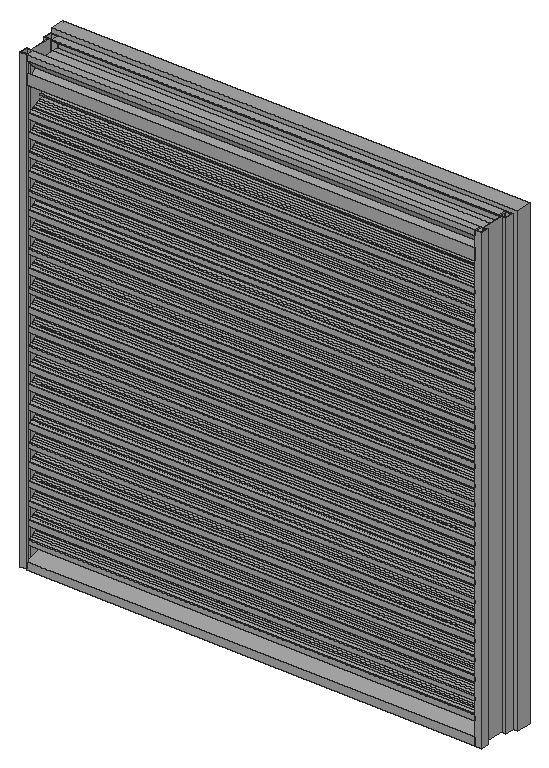
Revit family
Parameters (values of type "Louver_Storm-Performance_SP437 _IndustrialLouver")
  Weight = "7 lb/sq.ft."  # constant formula
  Warranty = "All materials and workmanship are warranted for a period of 1 year from date of completion."  # constant formula
  URL = "http://www.industriallouvers.com"
  Surface Finish = "Aluminum, Anodized, or Kynar finish"  # constant formula
  Support Material = Aluminum
  Subcategory = "Storm Performance "  # constant formula
  Static Pressure Loss = ".15\" of water gage @ an air flow of 718.4 FPM free area velocity"
  Specifications  URL = ""
  Screen Width [instance] = Louver Width - 0' 0 1/2"  # 3' - 11 1/2"
  Screen Material = Screen Material
  Screen Height [instance] = Louver Height - 0' 0 1/2"  # 3' - 11 1/2"
  SMARTBIM URL = "http://www.SMARTBIM.com"
  SMARTBIM Object Version = 3  # constant formula
  SMARTBIM Object Created By = "SMARTBIM, LLC"  # constant formula
  SMARTBIM Contact = "mailto:SMARTBIM@SMARTBIM.com"
  Product Submittal URL = "Contact Factory"
  Product Page URL = "http://www.industriallouvers.com/lv_sp.php"
  Model = "SP437"  # constant formula
  Minimum Height = 1' - 0"  # constant formula
  Maximum Size - Single Section = "One dimension not to exceed 78\" or 300 lbs"
  Material = "Aluminum"  # constant formula
  Manufacturer Toll Free Phone = "1-800-328-3421"  # constant formula
  Manufacturer Phone = "763-972-2981"  # constant formula
  Manufacturer Fax = "763-972-2911"  # constant formula
  Manufacturer Email = "mailto:ilinfo@industriallouvers.com"
  Manufacturer Address = "511 S. 7th Street, Delano, MN 55328"  # constant formula
  Manufacturer = "Industrial Louvers, Inc."  # constant formula
  Maintenance = "http://www.industriallouvers.com/prod-forms/Maintenance%20Instructions.pdf"
  Louver Width [instance] = 4' - 0"
  Louver Height [instance] = 4' - 0"
  Intake Capacity (CFM) @ Class A Rating = "4986 CFM"  # constant formula
  Installation URL = ""
  Height [instance] = if(Louver Height < 1' 0", 1' 0", Louver Height)  # 4' - 0"
  Free Area for 48”x48” Louver = "50.1%"  # constant formula
  Free Area Velocity (fpm) @ Class A Rating = "952 FPM"  # constant formula
  Free Area (ft²) for 48" x 48" Louver = "8.02"  # constant formula
  Frame Material = Aluminum
  Description = "Storm Performance "  # constant formula
  Depth = 0' - 4"  # constant formula
  Default Elevation = 0' - 0"
  Cost Info = "Contact Factory"  # constant formula
  CAD Drawings = ""
  Blade Width [instance] = Louver Width - 0' 1 1/2"  # 3' - 10 1/2"
  Blade Region Height [instance] = (Blade Count) * 0' 1 13/16"  # 3' - 5 11/16"
  Blade Material = Aluminum
  Blade Count [instance] = if(Louver Height < 1' 0", (1' 0" - 0' 5 3/4") / 0' 1 13/16", (Louver Height - 0' 5 3/4") / 0' 1 13/16")  # 23
  Assembly Code = "B2010300"
  AAA = 0' - 5 11/32"
  95 CSI = "10200"  # constant formula
  04 CSI = "08 91 00"  # constant formula
Reference planes (in)
  plane 1 "Center (Front/Back)": y = -0.11
  plane 2: z = 0
  plane 3 "Center (Left/Right)": x = 0
  plane 4: x = -24
  plane 5: x = 24
  plane 6: x = -23.25
  plane 7: x = 23.25
  plane 8 "Back of Blade": y = 2.45187
  plane 9: z = 2.33975
  plane 10: z = 44.02725
  plane 11: z = 48.5
  plane 12 "Back of Screen": y = 2.79687
  plane 13: z = 47
  plane 14: y = 2.85687
  plane 15: z = 48.375
  plane 16: z = 0.125
  plane 17: y = 4.35687
  plane 18: z = 48.25
  plane 19: z = 0.25
  plane 20: y = 2.37087
  plane 21: x = -24.25
  plane 22: x = 24.25
  plane 23: y = -1.54813
Forms (in)
  Extrusion 1, solid, material "Aluminum" <- "Frame Material"
    sketch origin (-10, 22.75594, 29.61826) x (1, 0, 0) y (0, 1, 0)
      loop
        line (34, -24.30407) -> (34, -23.47432) -> (33.57505, -23.47432) -> (33.57505, -21.17782) -> (34, -21.17782) -> (34, -20.30407) -> (33.25, -20.30407) -> (33.25, -20.38507) -> (33.91797, -20.38507) -> (33.91797, -21.09682) -> (33.49405, -21.09682) -> (33.49405, -23.55526) -> (33.919, -23.55526) -> (33.919, -24.22204) -> (33.25, -24.22204) -> (33.25, -24.30407) -> (34, -24.30407)
    from -29.36826 to 18.63174
  Extrusion 2, solid, material "Aluminum" <- "Frame Material"
    sketch origin (10, -22.75594, 29.61826) x (-1, 0, 0) y (0, -1, 0)
      loop
        line (34, -21.20781) -> (33.25, -21.20781) -> (33.25, -21.28984) -> (33.919, -21.28984) -> (33.919, -21.95662) -> (33.49405, -21.95662) -> (33.49405, -24.41507) -> (33.91797, -24.41507) -> (33.91797, -25.12681) -> (33.25, -25.12681) -> (33.25, -25.20781) -> (34, -25.20781) -> (34, -24.33407) -> (33.57505, -24.33407) -> (33.57505, -22.03756) -> (34, -22.03756) -> (34, -21.20781)
    from -29.28726 to 18.63174
  Sweep 3, solid, material "Aluminum" <- "Support Material"
    path origin (0, -0.11, 0) x (1, 0, 0) y (0, 0, 1)
      loop
        line (-24.25, 48.5) -> (-24.25, 0) -> (24.25, 0) -> (24.25, 48.5) -> (-24.25, 48.5)
    profile origin (0, -0.11, 48.5) x (0, 0, 1) y (0, -1, 0)
      loop
        line (0, -2.96687) -> (-1.5, -2.96687) -> (-1.5, -3.09187) -> (-0.125, -3.09187) -> (-0.125, -4.46687) -> (0, -4.46687) -> (0, -2.96687)
  Extrusion 4, solid, material "Aluminum" <- "Frame Material"
    sketch origin (0, 13.3807, 7.39335) x (0, 1, 0) y (0, 0, 1)
      loop
        line (-11.00983, -4.30335) -> (-11.00983, -5.31923) -> (-14.92883, -6.36932) -> (-14.92883, -7.14335) -> (-14.39758, -7.14335) -> (-14.39758, -7.06235) -> (-14.84679, -7.06235) -> (-14.84679, -6.46129) -> (-14.39783, -6.34119) -> (-14.02663, -6.34119) -> (-14.02663, -6.21143) -> (-11.94783, -5.65442) -> (-11.46595, -5.65442) -> (-11.46595, -5.5253) -> (-11.00983, -5.40308) -> (-11.00983, -7.06235) -> (-11.17883, -7.06235) -> (-11.17883, -7.14335) -> (-10.92883, -7.14335) -> (-10.92883, -4.30335) -> (-11.00983, -4.30335)
    from -23.25 to 23.25
  Extrusion 5, solid, material "Aluminum" <- "Frame Material"
    sketch origin (0, 0, 0) x (0, 1, 0) y (0, 0, 1)
      loop
        line (2.37087, 47.13809) -> (1.72128, 47.13809)
        arc (1.72128, 47.13809) -> (0.62834, 46.99354) -> (-0.38944, 46.56984) r 4.20417
        line (-0.38944, 46.56984) -> (-1.4661, 47.70532) -> (-1.4661, 48.1692) -> (-0.79932, 48.1692) -> (-0.79932, 48.25) -> (-1.54813, 48.25) -> (-1.54813, 47.67435) -> (-0.47547, 46.54238) -> (-1.46713, 45.60267) -> (-1.46713, 46.51089) -> (-1.54813, 46.59587) -> (-1.54813, 45.415) -> (-0.501, 46.40696)
        arc (-0.501, 46.40696) -> (0.56357, 46.89122) -> (1.72128, 47.05709) r 4.12317
        line (1.72128, 47.05709) -> (2.35007, 47.05709) -> (2.35007, 45.78336) -> (2.16641, 45.96703) -> (2.10927, 45.90989) -> (2.45187, 45.56729) -> (2.45187, 48.25) -> (1.65912, 48.25) -> (1.65912, 48.1692) -> (2.37087, 48.1692) -> (2.37087, 47.13809)
    from -23.25 to 23.25
Cuts and joins
  joined: Extrusion 1, Extrusion 2
Dimensions and locks (in)
  equal spacing: plane 4, plane 3 "Center (Left/Right)", plane 5
  "Louver Width": plane 4 to plane 5
  locked: plane 4 to plane 6 at 0.75
  locked: plane 7 to plane 5 at 0.75
  "Blade Region Height": plane 10 to plane 9
  locked: plane 9 to level at 2.33975
  "Louver Height": plane 18 to plane 19
  locked: plane 17 to plane 12 "Back of Screen" at 1.56
  locked: plane 11 to plane 13 at 1.5
  locked: plane 11 to plane 15 at 0.125
  locked: plane 16 to level at 0.125
  locked: plane 12 "Back of Screen" to plane 8 "Back of Blade" at 0.345
  locked: plane 11 to plane 18 at 0.25
  locked: plane 19 to level at 0.25
  locked: plane 14 to plane 12 "Back of Screen" at 0.06
  locked: plane 19 to Extrusion 4 sketch curve at 0.081  (x2)
  locked: plane 19 to Extrusion 4 sketch curve at 2.84
  plane 19 to Extrusion 4 sketch curve = 0' - 1.48893"
  plane 19 to Extrusion 4 sketch curve = 0' - 1.82412"
  locked: Extrusion 4 sketch curve to Extrusion 4 sketch curve at 0.081
  locked: plane 8 "Back of Blade" to plane 20 at 0.081
  equal spacing: group 1, group 3, group 4, group 5, group 6, group 7, group 8, group 9, group 10, group 11, group 12, group 13, group 14, group 15, group 16, group 17, group 18, group 19, group 20, group 21, group 22, group 23, group 2  (x3)
  locked: plane 5 to plane 22 at 0.25
  locked: plane 21 to plane 4 at 0.25
  plane 9 to level = 0' - 2.33975"
  locked: plane 8 "Back of Blade" to plane 23 at 4
  aligned: plane 11 to Extrusion 1
  aligned: Extrusion 1 to level
  aligned: Extrusion 2 to level
  aligned: plane 11 to Extrusion 2
  aligned and locked: plane 3 "Center (Left/Right)" to nested 2
  aligned and locked: plane 3 "Center (Left/Right)" to nested 1
  aligned and locked: plane 19 to nested 1
  aligned and locked: plane 19 to Extrusion 4 sketch curve
  aligned and locked: Extrusion 4 sketch curve to plane 19
  aligned and locked: plane 9 to nested 2
  aligned and locked: plane 20 to nested 2
  aligned: plane 10 to nested 3
  aligned and locked: Extrusion 4 to plane 6
  aligned and locked: plane 7 to Extrusion 4
  aligned and locked: plane 22 to Sweep 3 sketch curve
  aligned and locked: plane 21 to Sweep 3 sketch curve
  aligned and locked: Sweep 3 sketch curve to plane 11
  aligned and locked: Sweep 3 sketch curve to level
  aligned and locked: Extrusion 2 to plane 18
  aligned and locked: Extrusion 2 to Extrusion 4
  aligned and locked: plane 19 to cut or joined group of Extrusion 1, Extrusion 2
  aligned and locked: cut or joined group of Extrusion 1, Extrusion 2 to plane 18  (x2)
  aligned and locked: nested 1 to plane 13
  aligned and locked: nested 1 to plane 19
  aligned and locked: plane 10 to nested 3
  aligned and locked: plane 20 to Extrusion 2 sketch curve
  aligned and locked: plane 20 to cut or joined group of Extrusion 1, Extrusion 2
  aligned and locked: cut or joined group of Extrusion 1, Extrusion 2 to Extrusion 4 sketch curve
  aligned and locked: nested 1 to plane 14
  aligned and locked: Extrusion 5 to plane 6
  aligned and locked: plane 7 to Extrusion 5
  aligned and locked: Extrusion 5 sketch curve to plane 8 "Back of Blade"
  aligned and locked: Extrusion 5 sketch curve to plane 20
  aligned and locked: plane 23 to Extrusion 5 sketch curve
  aligned and locked: Extrusion 5 sketch curve to cut or joined group of Extrusion 1, Extrusion 2
  aligned and locked: cut or joined group of Extrusion 1, Extrusion 2 to Extrusion 5 sketch curve
Automatic sketch dimensions
  profile plane to Sweep 3 sketch curve = 0' - 0"
  profile plane to Sweep 3 sketch curve = 0' - 0 1/8"
  Sweep 3 sketch curve to Sweep 3 sketch curve = 0' - 1 3/8"  (x2)
  Sweep 3 sketch curve to plane 1 "Center (Front/Back)" = 0' - 4.46687"
  Sweep 3 sketch curve to Sweep 3 sketch curve = 0' - 0 1/8"
  Extrusion 2 sketch curve to plane 6 = 0' - 0"  (x2)
  Extrusion 2 sketch curve to plane 4 = 0' - 0"  (x2)
  Extrusion 2 sketch curve to plane 8 "Back of Blade" = 0' - 0"
  Extrusion 2 sketch curve to plane 6 = 0' - 0.24405"
  Extrusion 2 sketch curve to Extrusion 2 sketch curve = 0' - 0.081"  (x2)
  plane 4 to Extrusion 2 sketch curve = 0' - 0 21/256"
  plane 4 to Extrusion 2 sketch curve = 0' - 0.081"
  plane 20 to Extrusion 2 sketch curve = 0' - 0.71175"
  plane 1 "Center (Front/Back)" to Extrusion 2 sketch curve = 0' - 0.60838"
  Extrusion 2 sketch curve to Extrusion 2 sketch curve = 0' - 0.08094"
  Extrusion 2 sketch curve to Extrusion 2 sketch curve = 0' - 0.66678"
  Extrusion 2 sketch curve to Extrusion 2 sketch curve = 0' - 0 21/256"
  Extrusion 1 sketch curve to plane 8 "Back of Blade" = 0' - 0"
  Extrusion 1 sketch curve to plane 22 = 0' - 1"  (x2)
  Extrusion 1 sketch curve to Extrusion 1 sketch curve = 0' - 0.24405"
  Extrusion 1 sketch curve to Extrusion 1 sketch curve = 0' - 0.081"  (x3)
  Extrusion 1 sketch curve to plane 20 = 0' - 0"
  Extrusion 1 sketch curve to Extrusion 1 sketch curve = 0' - 0 171/256"
  Extrusion 1 sketch curve to Extrusion 1 sketch curve = 0' - 0.669"
  Extrusion 1 sketch curve to Extrusion 1 sketch curve = 0' - 0 21/256"  (x2)
  Extrusion 1 sketch curve to Extrusion 1 sketch curve = 0' - 0.66678"
  Extrusion 1 sketch curve to Extrusion 1 sketch curve = 0' - 0.08094"
  plane 20 to Extrusion 1 sketch curve = 0' - 0.79275"
  plane 1 "Center (Front/Back)" to Extrusion 1 sketch curve = 0' - 0.60838"
  Extrusion 4 sketch curve to plane 23 = 0' - 0"
  Extrusion 4 sketch curve to plane 20 = 0' - 0"  (x2)
  Extrusion 4 sketch curve to plane 8 "Back of Blade" = 0' - 0"
  Extrusion 4 sketch curve to Extrusion 4 sketch curve = 0' - 0.44896"
  Extrusion 4 sketch curve to Extrusion 4 sketch curve = 0' - 0 115/256"
  Extrusion 4 sketch curve to Extrusion 4 sketch curve = 0' - 0.3712"
  Extrusion 4 sketch curve to Extrusion 4 sketch curve = 0' - 0.938"
  plane 20 to Extrusion 4 sketch curve = 0' - 0.45612"
  plane 20 to Extrusion 4 sketch curve = 0' - 0.169"
  Extrusion 4 sketch curve to Extrusion 4 sketch curve = 0' - 0.09197"
  Extrusion 4 sketch curve to Extrusion 4 sketch curve = 0' - 0.12975"
  Extrusion 4 sketch curve to Extrusion 4 sketch curve = 0' - 0.12912"
  Extrusion 4 sketch curve to Extrusion 4 sketch curve = 0' - 0.08386"
  Extrusion 5 sketch curve to Extrusion 5 sketch curve = 0' - 0"  (x2)
  plane 23 to Extrusion 5 sketch curve = 0' - 0.081"
  plane 18 to Extrusion 5 sketch curve = 0' - 0.0808"  (x2)
  plane 1 "Center (Front/Back)" to Extrusion 5 sketch curve = 0' - 0.391"
  Extrusion 5 sketch curve to Extrusion 5 sketch curve = 0' - 0.02553"
  Extrusion 5 sketch curve to Extrusion 5 sketch curve = 0' - 0.08602"
  plane 13 to Extrusion 5 sketch curve = 0' - 0.13809"
  Extrusion 5 sketch curve to Extrusion 5 sketch curve = 0' - 0.6496"
  Extrusion 5 sketch curve to plane 18 = 0' - 0"  (x2)
  plane 20 to Extrusion 5 sketch curve = 0' - 0.71175"
  plane 20 to Extrusion 5 sketch curve = 0' - 0.2616"
  Extrusion 5 sketch curve to Extrusion 5 sketch curve = 0' - 0.05713"  (x2)
  plane 20 to Extrusion 5 sketch curve = 0' - 0.0208"
  plane 13 to Extrusion 5 sketch curve = 0' - 0.05709"
  Extrusion 5 sketch curve to plane 13 = 0' - 0.40413"
  Extrusion 5 sketch curve to plane 13 = 0' - 0.43016"
  Extrusion 5 sketch curve to Extrusion 5 sketch curve = 0' - 0.02746"
  Extrusion 5 sketch curve to Extrusion 5 sketch curve = 0' - 0.08499"
  Extrusion 5 sketch curve to plane 13 = 0' - 1.03297"
  Extrusion 5 sketch curve to Extrusion 5 sketch curve = 0' - 0.90822"
  Extrusion 5 sketch curve to Extrusion 5 sketch curve = 0' - 0.18767"
  Extrusion 5 sketch curve to Extrusion 5 sketch curve = 0' - 0.03097"
  plane 23 to Extrusion 5 sketch curve = 0' - 0"
Nested families (in)
  nested 1: "Louver Screen" at (18, 2.50563, 0.25), Height <- "Screen Height", Width <- "Screen Width", type "Louver Screen"
    with Width 3' - 11 1/2", Height 3' - 11 1/2", Depth 0' - 0.35124"
  nested 2: "Louver-Blade_SP537_IndustrialLouver" at (0, 2.37087, 2.33975), type "Louver-Blade_SP537_IndustrialLouver"
  nested 3: "Louver-Blade_SP537_IndustrialLouver" at (0, 2.37087, 42.06493), type "Louver-Blade_SP537_IndustrialLouver"
  nested 4: "Louver-Blade_SP537_IndustrialLouver" at (0, 2.37087, 4.14544), type "Louver-Blade_SP537_IndustrialLouver"
  nested 5: "Louver-Blade_SP537_IndustrialLouver" at (0, 2.37087, 5.95113), type "Louver-Blade_SP537_IndustrialLouver"
  nested 6: "Louver-Blade_SP537_IndustrialLouver" at (0, 2.37087, 7.75682), type "Louver-Blade_SP537_IndustrialLouver"
  nested 7: "Louver-Blade_SP537_IndustrialLouver" at (0, 2.37087, 9.56251), type "Louver-Blade_SP537_IndustrialLouver"
  nested 8: "Louver-Blade_SP537_IndustrialLouver" at (0, 2.37087, 11.3682), type "Louver-Blade_SP537_IndustrialLouver"
  nested 9: "Louver-Blade_SP537_IndustrialLouver" at (0, 2.37087, 13.17389), type "Louver-Blade_SP537_IndustrialLouver"
  nested 10: "Louver-Blade_SP537_IndustrialLouver" at (0, 2.37087, 14.97958), type "Louver-Blade_SP537_IndustrialLouver"
  nested 11: "Louver-Blade_SP537_IndustrialLouver" at (0, 2.37087, 16.78527), type "Louver-Blade_SP537_IndustrialLouver"
  nested 12: "Louver-Blade_SP537_IndustrialLouver" at (0, 2.37087, 18.59096), type "Louver-Blade_SP537_IndustrialLouver"
  nested 13: "Louver-Blade_SP537_IndustrialLouver" at (0, 2.37087, 20.39665), type "Louver-Blade_SP537_IndustrialLouver"
  nested 14: "Louver-Blade_SP537_IndustrialLouver" at (0, 2.37087, 22.20234), type "Louver-Blade_SP537_IndustrialLouver"
  nested 15: "Louver-Blade_SP537_IndustrialLouver" at (0, 2.37087, 24.00803), type "Louver-Blade_SP537_IndustrialLouver"
  nested 16: "Louver-Blade_SP537_IndustrialLouver" at (0, 2.37087, 25.81372), type "Louver-Blade_SP537_IndustrialLouver"
  nested 17: "Louver-Blade_SP537_IndustrialLouver" at (0, 2.37087, 27.61941), type "Louver-Blade_SP537_IndustrialLouver"
  nested 18: "Louver-Blade_SP537_IndustrialLouver" at (0, 2.37087, 29.4251), type "Louver-Blade_SP537_IndustrialLouver"
  nested 19: "Louver-Blade_SP537_IndustrialLouver" at (0, 2.37087, 31.23079), type "Louver-Blade_SP537_IndustrialLouver"
  nested 20: "Louver-Blade_SP537_IndustrialLouver" at (0, 2.37087, 33.03648), type "Louver-Blade_SP537_IndustrialLouver"
  nested 21: "Louver-Blade_SP537_IndustrialLouver" at (0, 2.37087, 34.84217), type "Louver-Blade_SP537_IndustrialLouver"
  nested 22: "Louver-Blade_SP537_IndustrialLouver" at (0, 2.37087, 36.64786), type "Louver-Blade_SP537_IndustrialLouver"
  nested 23: "Louver-Blade_SP537_IndustrialLouver" at (0, 2.37087, 38.45355), type "Louver-Blade_SP537_IndustrialLouver"
  nested 24: "Louver-Blade_SP537_IndustrialLouver" at (0, 2.37087, 40.25924), type "Louver-Blade_SP537_IndustrialLouver"
Connectors (in)
  hvac at (0, 2.98187, 24.25), driven by "Louver Width", driven by "Louver Height"
    settings: on Sweep 3, index 1
Definition of nested family "Louver Screen"
  Parameters (values of type "Louver Screen")
    Width [instance] = 5' - 0"
    Screen Frame = Aluminum
    Screen = Screen Material
    Height [instance] = 2' - 0"
    Depth [instance] = 0' - 0 115/256"
  Reference planes (in)
    plane 1 "Front": y = 0
    plane 2: z = 0
    plane 3 "Center (Left/Right)": x = -18
    plane 4: x = -48
    plane 5: x = 12
    plane 6: z = 24
    plane 7: x = -47.25
    plane 8: x = 11.25
    plane 9: z = 23.25
    plane 10: z = 0.75
    plane 11 "Back": y = 0.44922
    plane 12 "Center (Front/Back)": y = 0.22461
    plane 13: y = 0.19336
    plane 14: y = 0.25586
  Forms (in)
    Sweep 1, solid, material "Aluminum" <- "Screen Frame"
      path origin (0, 0, 0) x (1, 0, 0) y (0, 0, 1)
        loop
          line (-48, 24) -> (-48, 0) -> (12, 0) -> (12, 24) -> (-48, 24)
      profile origin (-18, 0, 24) x (0, 0, 1) y (0, -1, 0)
        loop
          line (0, 0) -> (-0.75, 0) -> (-0.75, -0.44922) -> (0, -0.44922) -> (0, 0)
    Extrusion 2, solid, material "Screen Material" <- "Screen"
      sketch origin (0, 0, 0) x (1, 0, 0) y (0, 0, 1)
        loop
          line (-47.25, 0.75) -> (11.25, 0.75) -> (11.25, 23.25) -> (-47.25, 23.25) -> (-47.25, 0.75)
      from -0.19336 to -0.25586
  Dimensions and locks (in)
    equal spacing: plane 4, plane 3 "Center (Left/Right)", plane 5
    "Width": plane 4 to plane 5
    "Height": plane 6 to level
    locked: Sweep 1 sketch curve to Sweep 1 sketch curve at 0.75
    locked: plane 6 to plane 9 at 0.75
    locked: plane 4 to plane 7 at 0.75
    locked: plane 5 to plane 8 at 0.75
    locked: plane 10 to level at 0.75
    "Depth": plane 1 "Front" to plane 11 "Back"
    equal spacing: plane 1 "Front", plane 12 "Center (Front/Back)", plane 11 "Back"
    plane 14 to plane 12 "Center (Front/Back)" to plane 13 = 0' - 0 1/32" locked, 0' - 0 1/32" locked
    aligned and locked: Sweep 1 sketch curve to plane 6
    aligned and locked: Sweep 1 sketch curve to plane 4
    aligned and locked: Sweep 1 sketch curve to level
    aligned and locked: Sweep 1 sketch curve to plane 5
    aligned and locked: Extrusion 2 sketch curve to plane 7
    aligned and locked: Extrusion 2 sketch curve to plane 9
    aligned and locked: Extrusion 2 sketch curve to plane 10
    aligned and locked: Extrusion 2 sketch curve to plane 8
    aligned and locked: plane 11 "Back" to Sweep 1
    aligned and locked: plane 1 "Front" to Sweep 1 sketch curve
    aligned and locked: plane 11 "Back" to Sweep 1 sketch curve
    aligned and locked: plane 14 to Extrusion 2
    aligned and locked: Extrusion 2 to plane 13
  Automatic sketch dimensions
    profile plane to Sweep 1 sketch curve = 0' - 0"
Definition of nested family "Louver-Blade_SP537_IndustrialLouver"
  Parameters (values of type "Louver-Blade_SP537_IndustrialLouver")
    Width = 3' - 10 1/2"
    Blade Material = Aluminum
    Assembly Code = ""
  Reference planes (in)
    plane 1 "Center (Front/Back)": y = 0
    plane 2: z = 0
    plane 3 "Center (Left/Right)": x = 0
    plane 4: x = -23.25
    plane 5: x = 23.25
    plane 6: z = 1.96231
    plane 7: z = 0.98116
    plane 8: y = -3.83594
  Forms (in)
    Extrusion 1, solid, material "Aluminum" <- "Blade Material"
      sketch origin (0, 0, 0) x (0, 1, 0) y (0, 0, 1)
        loop
          line (-1.72021, 1.72673) -> (-1.49168, 1.50283)
          arc (-1.49168, 1.50283) -> (-1.58627, 1.49249) -> (-1.68053, 1.47957) r 3.48298
          arc (-1.68053, 1.47957) -> (-1.81786, 1.45602) -> (-1.95413, 1.42699) r 3.48298
          arc (-1.95413, 1.42699) -> (-2.09355, 1.39132) -> (-2.23138, 1.34991) r 3.48298
          arc (-2.23138, 1.34991) -> (-2.34116, 1.31241) -> (-2.44963, 1.27127) r 3.48298
          arc (-2.44963, 1.27127) -> (-2.57542, 1.21828) -> (-2.69904, 1.1604) r 3.48298
          arc (-2.69904, 1.1604) -> (-2.77304, 1.12286) -> (-2.84613, 1.08357) r 3.48298
          arc (-2.84613, 1.08357) -> (-2.93798, 1.03094) -> (-3.02818, 0.97554) r 3.48298
          arc (-3.02818, 0.97554) -> (-3.10101, 0.92799) -> (-3.17263, 0.87864) r 3.48298
          arc (-3.17263, 0.87864) -> (-3.24982, 0.8224) -> (-3.32543, 0.76408) r 3.48298
          arc (-3.32543, 0.76408) -> (-3.43546, 0.67304) -> (-3.54167, 0.57756) r 3.48298
          arc (-3.54167, 0.57756) -> (-3.60573, 0.516) -> (-3.6682, 0.45282) r 3.48298
          arc (-3.6682, 0.45282) -> (-3.7212, 0.39661) -> (-3.77294, 0.33923) r 3.48298
          line (-3.77294, 0.33923) -> (-3.77294, 0.7295) -> (-3.83594, 0.7295) -> (-3.83594, 0.20353)
          arc (-3.83594, 0.20353) -> (-3.41715, 0.63775) -> (-2.92728, 0.98982) r 3.35052
          arc (-2.92728, 0.98982) -> (-2.2008, 1.30478) -> (-1.41925, 1.43186) r 3.20224
          line (-1.41925, 1.43186) -> (-1.09385, 1.11305)
          arc (-1.09385, 1.11305) -> (-0.61979, 0.79464) -> (-0.063, 0.66777) r 1.563
          line (-0.063, 0.66777) -> (-0.063, 0.1316) -> (-0.23568, 0.30428) -> (-0.28023, 0.25973) -> (0, -0.0205) -> (0, 0.7295)
          arc (0, 0.7295) -> (-0.56693, 0.84076) -> (-1.04976, 1.15805) r 1.5
          line (-1.04976, 1.15805) -> (-1.8411, 1.94118) -> (-2.20909, 1.78891)
          arc (-2.20909, 1.78891) -> (-2.22356, 1.73968) -> (-2.17228, 1.73788) r 0.03248
          line (-2.17228, 1.73788) -> (-1.86018, 1.8667) -> (-1.72021, 1.72673)
      from -23.25 to 23.25
  Dimensions and locks (in)
    equal spacing: plane 4, plane 3 "Center (Left/Right)", plane 5
    "Width": plane 4 to plane 5
    equal spacing: plane 6, plane 7, level
    locked: plane 6 to plane 7 at 0.98116
    locked: plane 1 "Center (Front/Back)" to plane 8 at 3.83594
    aligned and locked: Extrusion 1 to plane 4
    aligned and locked: plane 5 to Extrusion 1
    aligned and locked: plane 8 to Extrusion 1
  Automatic sketch dimensions
    Extrusion 1 sketch curve to Extrusion 1 sketch curve = 0' - 0"  (x91)
    Extrusion 1 sketch curve to plane 1 "Center (Front/Back)" = 0' - 0"
    plane 1 "Center (Front/Back)" to Extrusion 1 sketch curve = 0' - 0.063"
    plane 1 "Center (Front/Back)" to Extrusion 1 sketch curve = 0' - 0.23568"
    Extrusion 1 sketch curve to Extrusion 1 sketch curve = 0' - 0.04455"  (x2)
    plane 7 to Extrusion 1 sketch curve = 0' - 0.17689"
    plane 1 "Center (Front/Back)" to Extrusion 1 sketch curve = 0' - 1.04976"
    plane 7 to Extrusion 1 sketch curve = 0' - 0.13189"
    Extrusion 1 sketch curve to Extrusion 1 sketch curve = 0' - 0.04409"
    plane 1 "Center (Front/Back)" to Extrusion 1 sketch curve = 0' - 1.16056"
    Extrusion 1 sketch curve to Extrusion 1 sketch curve = 0' - 0.06415"
    Extrusion 1 sketch curve to Extrusion 1 sketch curve = 0' - 0.07535"
    Extrusion 1 sketch curve to Extrusion 1 sketch curve = 0' - 0.3254"
    Extrusion 1 sketch curve to Extrusion 1 sketch curve = 0' - 0.07244"
    Extrusion 1 sketch curve to plane 6 = 0' - 0.23559"
    Extrusion 1 sketch curve to Extrusion 1 sketch curve = 0' - 0.22853"
    Extrusion 1 sketch curve to plane 6 = 0' - 0.02113"
    Extrusion 1 sketch curve to Extrusion 1 sketch curve = 0' - 0.12089"
    Extrusion 1 sketch curve to plane 6 = 0' - 0.09561"
    Extrusion 1 sketch curve to Extrusion 1 sketch curve = 0' - 0.01908"
    Extrusion 1 sketch curve to plane 6 = 0' - 0.22443"
    Extrusion 1 sketch curve to Extrusion 1 sketch curve = 0' - 0.31209"
    Extrusion 1 sketch curve to Extrusion 1 sketch curve = 0' - 0.02494"
    Extrusion 1 sketch curve to Extrusion 1 sketch curve = 0' - 0.01187"
    plane 7 to Extrusion 1 sketch curve = 0' - 0.00867"
    Extrusion 1 sketch curve to plane 7 = 0' - 0.25166"
    level to Extrusion 1 sketch curve = 0' - 0.7295"
    level to Extrusion 1 sketch curve = 0' - 0.33923"
    level to Extrusion 1 sketch curve = 0' - 0.30428"
    Extrusion 1 sketch curve to Extrusion 1 sketch curve = 0' - 0.1357"
    Extrusion 1 sketch curve to Extrusion 1 sketch curve = 0' - 0.0685"
    Extrusion 1 sketch curve to Extrusion 1 sketch curve = 0' - 0.0208"
    Extrusion 1 sketch curve to Extrusion 1 sketch curve = 0' - 0.18885"
    Extrusion 1 sketch curve to Extrusion 1 sketch curve = 0' - 0.27359"
    Extrusion 1 sketch curve to Extrusion 1 sketch curve = 0' - 0.27725"
    Extrusion 1 sketch curve to Extrusion 1 sketch curve = 0' - 0.21825"
    plane 7 to Extrusion 1 sketch curve = 0' - 0.17924"
    plane 7 to Extrusion 1 sketch curve = 0' - 0.10241"
    Extrusion 1 sketch curve to plane 7 = 0' - 0.00562"
    Extrusion 1 sketch curve to plane 7 = 0' - 0.10252"
    Extrusion 1 sketch curve to Extrusion 1 sketch curve = 0' - 0.1528"
    Extrusion 1 sketch curve to Extrusion 1 sketch curve = 0' - 0.23126"
    Extrusion 1 sketch curve to Extrusion 1 sketch curve = 0' - 0.10473"
    Extrusion 1 sketch curve to Extrusion 1 sketch curve = 0' - 0.24941"
    Extrusion 1 sketch curve to Extrusion 1 sketch curve = 0' - 0.14709"
    Extrusion 1 sketch curve to Extrusion 1 sketch curve = 0' - 0.1009"
